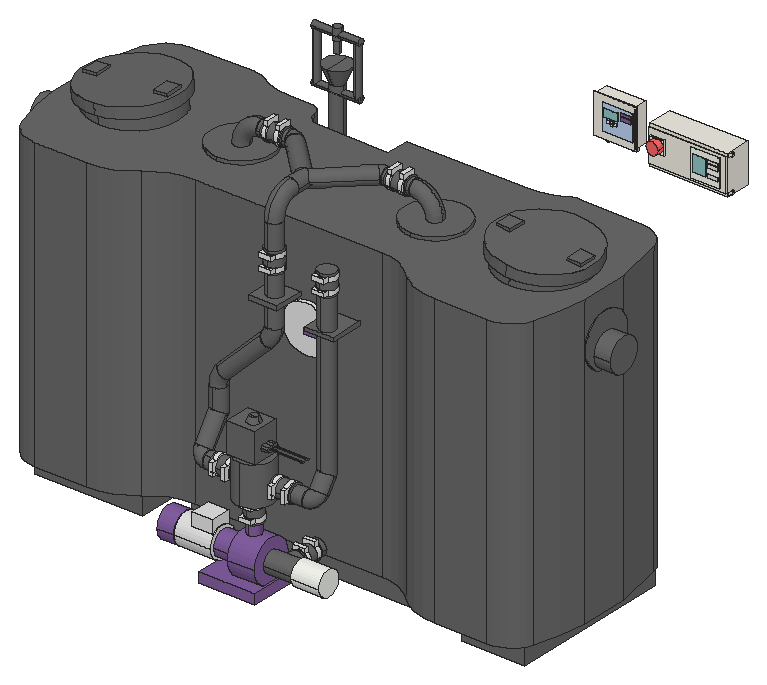
Revit family "93010.02_pvs 0", category Generic Models, Revit 2021 (continued)
Definition of nested family "93010.02_pvs 0_part3_X0Y0"
  Definition of nested family "93010.02_pvs 0_part3_content"
    Forms (mm)
      Extrusion 28, solid, detail levels medium+fine
        sketch origin (-268.5, -391, 613) x (0, 1, 0) y (-1, 0, 0)
          loop
            circle (0, 0) r 37.5
        from 0 to 116
      Revolve 29, solid, detail levels medium+fine
        sketch origin (-268.5, -391, 729) x (1, 0, 0) y (0, 1, 0)
          loop
            circle (0, 0) r 37
          axis (100, 0) -> (100, -1)
        angle from -45 to 0
      Extrusion 30, solid, detail levels medium+fine
        sketch origin (-239.281, -391, 799.64) x (0.5, 0.707107, -0.5) y (-0.5, 0.707107, 0.5)
          loop
            circle (0, 0) r 37.5
        from 0 to 297.2
      Revolve 31, solid, detail levels medium+fine
        sketch origin (-29.2, -391, 1009.721) x (-0.707107, 0, 0.707107) y (0, -1, 0)
          loop
            circle (0, 0) r 37
          axis (100, 0) -> (100, -1)
        angle from -45 to 0
      Extrusion 32, solid, detail levels medium+fine
        sketch origin (-81.5, -514, 607.5) x (0, -1, 0) y (0, 0, 1)
          loop
            circle (0, 0) r 20
        from 0 to 16.5
      Extrusion 33, solid, detail levels medium+fine
        sketch origin (290, -432.5, 1342) x (0, 1, 0) y (-1, 0, 0)
          loop
            circle (0, 0) r 42
        from 0 to 100
      Extrusion 34, solid, detail levels medium+fine
        sketch origin (290, -432.5, 1352) x (0, 1, 0) y (-1, 0, 0)
          loop
            circle (0, 0) r 45
        from 0 to 20
      Extrusion 35, solid, detail levels medium+fine
        sketch origin (290, -432.5, 1412) x (0, 1, 0) y (-1, 0, 0)
          loop
            circle (0, 0) r 45
        from 0 to 20
      Extrusion 36, solid, detail levels medium+fine
        sketch origin (260, -463.5, 1372) x (0, 0, -1) y (1, 0, 0)
          loop
            line (0, 60) -> (0, 0) -> (20, 0) -> (20, 60) -> (0, 60)
        from 0 to 25
      Extrusion 37, solid, detail levels medium+fine
        sketch origin (260, -463.5, 1432) x (0, 0, -1) y (1, 0, 0)
          loop
            line (0, 60) -> (0, 0) -> (20, 0) -> (20, 60) -> (0, 60)
        from 0 to 25
      Extrusion 38, solid, detail levels medium+fine
        sketch origin (-5.75, -0.5, 113) x (0, 1, 0) y (-1, 0, 0)
          loop
            line (257.5, 576.04) -> (257.5, -5.75) -> (417.5, -5.75) -> (417.5, 576.04) -> (257.5, 576.04)
        from 0 to 705
      Extrusion 39, solid, detail levels medium+fine
        sketch origin (-495.5, -275.5, 0) x (0, 1, 0) y (0, 0, 1)
          loop
            line (0, 113) -> (0, 0) -> (630, 0) -> (630, 113) -> (0, 113)
        from 0 to 1200
      Extrusion 40, solid, detail levels medium+fine
        sketch origin (-348.5, 307, 1284.2) x (0, 1, 0) y (0, 0, 1)
          loop
            line (0, 29.3) -> (0, 0) -> (110, 0) -> (110, 29.3) -> (0, 29.3)
        from 0 to 88
      Extrusion 41, solid, detail levels medium+fine
        sketch origin (-305, 374, 1168) x (1, 0, 0) y (0, 1, 0)
          loop
            circle (0, 0) r 31.5
        from 0 to 526.6
      Revolve 42, solid, detail levels medium+fine
        sketch origin (-110, 374, 1168) x (0, 1, 0) y (-1, 0, 0)
          loop
            circle (0, 0) r 31.5
          axis (0, 97.5) -> (-1, 97.5)
        angle from 0 to 180
      Extrusion 43, solid, detail levels medium+fine
        sketch origin (-110, 374, 1253.5) x (0, -1, 0) y (-1, 0, 0)
          loop
            circle (0, 0) r 31.5
        from 0 to 85.5
      Extrusion 44, solid, detail levels medium+fine
        sketch origin (-419.9, 373.5, 1659.3) x (0, 1, 0) y (0, 0, 1)
          loop
            circle (0, 0) r 15
        from 0 to 230
      Extrusion 45, solid, detail levels medium+fine
        sketch origin (-204.9, 373.5, 1908.3) x (1, 0, 0) y (0, -1, 0)
          loop
            circle (0, 0) r 15
        from 0 to 249
      Extrusion 46, solid, detail levels medium+fine
        sketch origin (-420, 373.5, 1908.3) x (0, 1, 0) y (0, 0, 1)
          loop
            circle (0, 0) r 15
        from 0 to 230
      Extrusion 47, solid, detail levels medium+fine
        sketch origin (-305, 374, 1885.9) x (1, 0, 0) y (0, 1, 0)
          loop
            circle (0, 0) r 19.25
        from 0 to 52
      Extrusion 48, solid, detail levels medium+fine
        sketch origin (-305, 374, 1827.9) x (1, 0, 0) y (0, 1, 0)
          loop
            circle (0, 0) r 14
        from 0 to 58
      Extrusion 49, solid, detail levels medium+fine
        sketch origin (-405, 373.5, 1908.3) x (1, 0, 0) y (0, -1, 0)
          loop
            circle (0, 0) r 15
        from 0 to 249
      Revolve 50, solid, detail levels medium+fine
        sketch origin (-305, 374, 1694.6) x (0, 0, 1) y (0, 1, 0)
          loop
            line (0, 0) -> (81, 0) -> (81, 65) -> (0, 31) -> (0, 0)
          axis (81, 0) -> (0, 0)
        angle from -360 to 0
      Extrusion 51, solid, detail levels medium+fine
        sketch origin (-975.473, 0, 1292.371) x (0, -1, 0) y (0.996195, 0, 0.087156)
          loop
            circle (0, 0) r 211
        from 0 to 281.5
      Extrusion 52, solid, detail levels medium+fine
        sketch origin (-1000, 0, 1572.8) x (0, -1, 0) y (0.996195, 0, 0.087156)
          loop
            circle (0, 0) r 233
        from 0 to 51
      Extrusion 53, solid, detail levels medium+fine
        sketch origin (-865.072, -41, 1635.799) x (0, 1, 0) y (-0.087156, 0, 0.996195)
          loop
            line (0, 12) -> (0, 0) -> (82, 0) -> (82, 12) -> (0, 12)
        from 0 to 66
      Extrusion 54, solid, detail levels medium+fine
        sketch origin (-1144, 41, 1611.35) x (0, -1, 0) y (-0.087156, 0, 0.996195)
          loop
            line (0, 12) -> (0, 0) -> (82, 0) -> (82, 12) -> (0, 12)
        from 0 to 66
      Extrusion 55, solid, detail levels medium+fine
        sketch origin (976.473, 0, 1292.371) x (0, 1, 0) y (-0.996195, 0, 0.087156)
          loop
            circle (0, 0) r 211
        from 0 to 281.5
      Extrusion 56, solid, detail levels medium+fine
        sketch origin (1001, 0, 1572.8) x (0, 1, 0) y (-0.996195, 0, 0.087156)
          loop
            circle (0, 0) r 233
        from 0 to 51
      Extrusion 57, solid, detail levels medium+fine
        sketch origin (866.072, 41, 1635.799) x (0, -1, 0) y (0.087156, 0, 0.996195)
          loop
            line (0, 12) -> (0, 0) -> (82, 0) -> (82, 12) -> (0, 12)
        from 0 to 66
      Extrusion 58, solid, detail levels medium+fine
        sketch origin (1145, -41, 1611.35) x (0, 1, 0) y (0.087156, 0, 0.996195)
          loop
            line (0, 12) -> (0, 0) -> (82, 0) -> (82, 12) -> (0, 12)
        from 0 to 66
      Extrusion 59, solid, detail levels medium+fine
        sketch origin (471.25, 0, 1525) x (0, 1, 0) y (-1, 0, 0)
          loop
            circle (0, 0) r 148.5
        from 0 to 15
      Revolve 60, solid, detail levels medium+fine
        sketch origin (471.25, 0, 1540) x (-1, 0, 0) y (0, -1, 0)
          loop
            circle (0, 0) r 37
          axis (100, 0) -> (100, -1)
        angle from -90 to 0
      Extrusion 61, solid, detail levels medium+fine
        sketch origin (-471.25, 0, 1525) x (0, 1, 0) y (-1, 0, 0)
          loop
            circle (0, 0) r 148.5
        from 0 to 15
      Revolve 62, solid, detail levels medium+fine
        sketch origin (-471.25, 0, 1540) x (1, 0, 0) y (0, 1, 0)
          loop
            circle (0, 0) r 37
          axis (100, 0) -> (100, -1)
        angle from -90 to 0
      Extrusion 63, solid, detail levels medium+fine
        sketch origin (-110, 314, 1313.5) x (0, 0, -1) y (1, 0, 0)
          loop
            circle (0, 0) r 31.5
        from 0 to 11
      Revolve 64, solid, detail levels medium+fine
        sketch origin (-110, 314, 1313.5) x (0, 0, -1) y (-1, 0, 0)
          loop
            circle (0, 0) r 31.5
          axis (60, 0) -> (60, -1)
        angle from -90 to 0
      Extrusion 65, solid, detail levels medium+fine
        sketch origin (-1281.79, 0, 1293) x (0, -1, 0) y (0, 0, 1)
          loop
            circle (0, 0) r 126.5
        from 0 to 21
      Extrusion 66, solid, detail levels medium+fine
        sketch origin (-1302.79, 0, 1336) x (0, -1, 0) y (0, 0, 1)
          loop
            circle (0, 0) r 80
        from 0 to 137.5
      Extrusion 67, solid, detail levels medium+fine
        sketch origin (1281.69, 0, 1305) x (0, 1, 0) y (0, 0, 1)
          loop
            circle (0, 0) r 126.5
        from 0 to 21
      Extrusion 68, solid, detail levels medium+fine
        sketch origin (1302.69, 0, 1265) x (0, 1, 0) y (0, 0, 1)
          loop
            circle (0, 0) r 80
        from 0 to 84.5
      Extrusion 69, solid, detail levels medium+fine
        sketch origin (-68, -462.2, 1198.3) x (0, 1, 0) y (0, 0, 1)
          loop
            line (0, 20.5) -> (0, 0) -> (144.25, 0) -> (144.25, 20.5) -> (0, 20.5)
        from 0 to 138
      Extrusion 70, solid, detail levels medium+fine
        sketch origin (0, -391, 1080.432) x (0, 1, 0) y (-1, 0, 0)
          loop
            circle (0, 0) r 37.5
        from 0 to 459.5
      Extrusion 71, solid, detail levels medium+fine
        sketch origin (0, -391, 1331.5) x (0, 1, 0) y (-1, 0, 0)
          loop
            circle (0, 0) r 45
        from 0 to 20
      Extrusion 72, solid, detail levels medium+fine
        sketch origin (0, -391, 1321.5) x (0, 1, 0) y (-1, 0, 0)
          loop
            circle (0, 0) r 42
        from 0 to 100
      Extrusion 73, solid, detail levels medium+fine
        sketch origin (0, -391, 1391.5) x (0, 1, 0) y (-1, 0, 0)
          loop
            circle (0, 0) r 45
        from 0 to 20
      Extrusion 74, solid, detail levels medium+fine
        sketch origin (-30, -422, 1351.5) x (0, 0, -1) y (1, 0, 0)
          loop
            line (0, 60) -> (0, 0) -> (20, 0) -> (20, 60) -> (0, 60)
        from 0 to 25
      Extrusion 75, solid, detail levels medium+fine
        sketch origin (-30, -422, 1411.5) x (0, 0, -1) y (1, 0, 0)
          loop
            line (0, 60) -> (0, 0) -> (20, 0) -> (20, 60) -> (0, 60)
        from 0 to 25
      Revolve 76, solid, detail levels medium+fine
        sketch origin (0, -391, 1539.932) x (0, 1, 0) y (-1, 0, 0)
          loop
            circle (0, 0) r 37.5
          axis (100, 0) -> (100, -1)
        angle from -90 to 0
      Extrusion 77, solid, detail levels medium+fine
        sketch origin (884.5, -357.5, 0) x (0, 1, 0) y (0, 0, 1)
          loop
            line (0, 113) -> (0, 0) -> (792, 0) -> (792, 113) -> (0, 113)
        from 0 to 306.5
      Extrusion 78, solid, detail levels medium+fine
        sketch origin (154.75, -514, 135) x (-1, 0, 0) y (0, 0, 1)
          loop
            circle (0, 0) r 40
        from 0 to 196
      Extrusion 79, solid, detail levels medium+fine
        sketch origin (154.75, -345.5, 135) x (0, 0, -1) y (1, 0, 0)
          loop
            circle (0, 0) r 42
        from 0 to 100
      Extrusion 80, solid, detail levels medium+fine
        sketch origin (154.75, -355.5, 135) x (0, 0, -1) y (1, 0, 0)
          loop
            line (-56, -30) -> (-33.541, -30)
            arc (-33.541, -30) -> (45, 0) -> (-33.541, 30) r 45
            line (-33.541, 30) -> (-56, 30) -> (-56, -30)
        from 0 to 20
      Extrusion 81, solid, detail levels medium+fine
        sketch origin (154.75, -415.5, 135) x (0, 0, -1) y (1, 0, 0)
          loop
            circle (0, 0) r 45
        from 0 to 20
      Extrusion 82, solid, detail levels medium+fine
        sketch origin (184.75, -435.5, 166) x (0, 1, 0) y (-1, 0, 0)
          loop
            line (0, 60) -> (0, 0) -> (20, 0) -> (20, 60) -> (0, 60)
        from 0 to 25
      Extrusion 83, solid, detail levels medium+fine
        sketch origin (82.5, -514, 135) x (0, 1, 0) y (0, 0, 1)
          loop
            circle (0, 0) r 50
        from 0 to 144.5
      Extrusion 84, solid, detail levels medium+fine
        sketch origin (-47, -514, 135) x (0, 1, 0) y (0, 0, 1)
          loop
            circle (0, 0) r 101
        from 0 to 129.5
      Extrusion 85, solid, detail levels medium+fine
        sketch origin (0, -514, 284) x (-1, 0, 0) y (0, 1, 0)
          loop
            circle (0, 0) r 31.5
        from 0 to 149
      Extrusion 86, solid, detail levels medium+fine
        sketch origin (-152, -514, 135) x (0, 1, 0) y (0, 0, 1)
          loop
            circle (0, 0) r 60
        from 0 to 105
      Extrusion 87, solid, detail levels medium+fine
        sketch origin (97.5, -400, 0) x (0, -1, 0) y (0, 0, 1)
          loop
            line (0, 48) -> (0, 0) -> (230, 0) -> (230, 48) -> (0, 48)
        from 0 to 272
      Extrusion 88, solid, detail levels medium+fine
        sketch origin (0, -514, 284) x (0, 1, 0) y (-1, 0, 0)
          loop
            circle (0, 0) r 42
        from 0 to 100
      Extrusion 89, solid, detail levels medium+fine
        sketch origin (0, -514, 294) x (0, 1, 0) y (-1, 0, 0)
          loop
            circle (0, 0) r 45
        from 0 to 20
      Extrusion 90, solid, detail levels medium+fine
        sketch origin (0, -514, 354) x (0, 1, 0) y (-1, 0, 0)
          loop
            circle (0, 0) r 45
        from 0 to 20
      Extrusion 91, solid, detail levels medium+fine
        sketch origin (-30, -545, 314) x (0, 0, -1) y (1, 0, 0)
          loop
            line (0, 60) -> (0, 0) -> (20, 0) -> (20, 60) -> (0, 60)
        from 0 to 25
      Extrusion 92, solid, detail levels medium+fine
        sketch origin (-30, -545, 374) x (0, 0, -1) y (1, 0, 0)
          loop
            line (0, 60) -> (0, 0) -> (20, 0) -> (20, 60) -> (0, 60)
        from 0 to 25
      Extrusion 93, solid, detail levels medium+fine
        sketch origin (227, -514, 135) x (0, 1, 0) y (0, 0, 1)
          loop
            circle (0, 0) r 58.5
        from 0 to 135.5
      Extrusion 94, solid, detail levels medium+fine
        sketch origin (-333, -514, 135) x (0, 1, 0) y (0, 0, 1)
          loop
            circle (0, 0) r 73.5
        from 0 to 181
      Extrusion 95, solid, detail levels medium+fine
        sketch origin (-262, -564.5, 188.5) x (0, 1, 0) y (0, 0, 1)
          loop
            line (0, -10) -> (100, -10) -> (100, 60) -> (0, 60) -> (0, -10)
        from 0 to 100
      Extrusion 96, solid, detail levels medium+fine
        sketch origin (-413, -514, 135) x (0, 1, 0) y (0, 0, 1)
          loop
            circle (0, 0) r 73.5
        from 0 to 80
      Extrusion 97, solid, detail levels medium+fine
        sketch origin (0, -291, 1639.932) x (-1, 0, 0) y (0, 0, 1)
          loop
            circle (0, 0) r 37.5
        from 0 to 92.5
      Extrusion 98, solid, detail levels medium+fine
        sketch origin (-13.2, -201.7, 1640) x (-0.707107, -0.707107, 0) y (0, 0, 1)
          loop
            circle (0, 0) r 37.5
        from 0 to 267.1
      Revolve 99, solid, detail levels medium+fine
        sketch origin (-201.957, -12.903, 1640) x (-0.707107, -0.707107, 0) y (0, 0, 1)
          loop
            circle (0, 0) r 37
          axis (45, 0) -> (45, -1)
        angle from -45 to 0
      Extrusion 100, solid, detail levels medium+fine
        sketch origin (13.18, -201.7, 1640) x (-0.707107, 0.707107, 0) y (0, 0, 1)
          loop
            circle (0, 0) r 37.5
        from 0 to 267.1
      Revolve 101, solid, detail levels medium+fine
        sketch origin (201.978, -12.883, 1640) x (0.707107, -0.707107, 0) y (0, 0, -1)
          loop
            circle (0, 0) r 37
          axis (45, 0) -> (45, -1)
        angle from -45 to 0
      Extrusion 102, solid, detail levels medium+fine
        sketch origin (-233.777, 0.277, 1640) x (0, -1, 0) y (0, 0, 1)
          loop
            circle (0, 0) r 37.5
        from 0 to 137.5
      Extrusion 103, solid, detail levels medium+fine
        sketch origin (-251, 0.5, 1640) x (0, 0, -1) y (0, -1, 0)
          loop
            circle (0, 0) r 42
        from 0 to 100
      Extrusion 104, solid, detail levels medium+fine
        sketch origin (-261, 0.5, 1640) x (0, 0, -1) y (0, -1, 0)
          loop
            line (-56, -30) -> (-33.541, -30)
            arc (-33.541, -30) -> (45, 0) -> (-33.541, 30) r 45
            line (-33.541, 30) -> (-56, 30) -> (-56, -30)
        from 0 to 20
      Extrusion 105, solid, detail levels medium+fine
        sketch origin (-321, 0.498, 1640) x (0, 0, -1) y (0, -1, 0)
          loop
            circle (0, 0) r 45
        from 0 to 20
      Extrusion 106, solid, detail levels medium+fine
        sketch origin (-341, -29.502, 1671) x (1, 0, 0) y (0, 1, 0)
          loop
            line (0, 60) -> (0, 0) -> (20, 0) -> (20, 60) -> (0, 60)
        from 0 to 25
      Extrusion 107, solid, detail levels medium+fine
        sketch origin (-281, -29.502, 1671) x (1, 0, 0) y (0, 1, 0)
          loop
            line (0, 60) -> (0, 0) -> (20, 0) -> (20, 60) -> (0, 60)
        from 0 to 25
      Extrusion 108, solid, detail levels medium+fine
        sketch origin (233.798, 0.298, 1640) x (0, -1, 0) y (0, 0, -1)
          loop
            circle (0, 0) r 37.5
        from 0 to 137.5
      Extrusion 109, solid, detail levels medium+fine
        sketch origin (253, 0.5, 1640) x (0, 0, -1) y (0, 1, 0)
          loop
            circle (0, 0) r 42
        from 0 to 100
      Extrusion 110, solid, detail levels medium+fine
        sketch origin (263, 0.5, 1640) x (0, 0, -1) y (0, 1, 0)
          loop
            line (-56, -30) -> (-33.541, -30)
            arc (-33.541, -30) -> (45, 0) -> (-33.541, 30) r 45
            line (-33.541, 30) -> (-56, 30) -> (-56, -30)
        from 0 to 20
      Extrusion 111, solid, detail levels medium+fine
        sketch origin (323, 0.498, 1640) x (0, 0, -1) y (0, 1, 0)
          loop
            circle (0, 0) r 45
        from 0 to 20
      Extrusion 112, solid, detail levels medium+fine
        sketch origin (343, 30.498, 1671) x (-1, 0, 0) y (0, -1, 0)
          loop
            line (0, 60) -> (0, 0) -> (20, 0) -> (20, 60) -> (0, 60)
        from 0 to 25
      Extrusion 113, solid, detail levels medium+fine
        sketch origin (283, 30.498, 1671) x (-1, 0, 0) y (0, -1, 0)
          loop
            line (0, 60) -> (0, 0) -> (20, 0) -> (20, 60) -> (0, 60)
        from 0 to 25
      Extrusion 114, solid, detail levels coarse
        sketch origin (-26.55, -76.1, 0) x (1, 0, 0) y (0, 1, 0)
          loop
            line (-1413.74, -553.9) -> (1413.74, -553.9) -> (1413.74, 553.9) -> (-1413.74, 553.9) -> (-1413.74, -553.9)
        from 0 to 1937.9
    Dimensions and locks
      aligned and locked: level to plane 2
